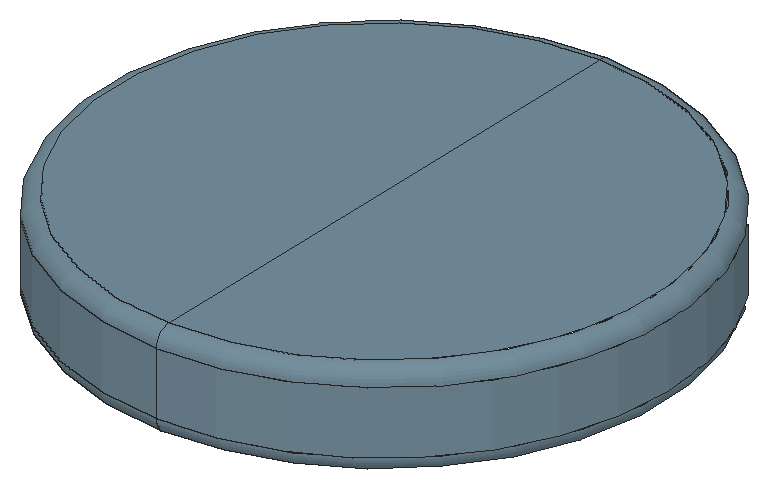
Revit family "Seat Pad 18in Round 3in H", category Generic Models, Revit 2018
Family settings
  Can host rebar = No
  Round Connector Dimension = Use Diameter
  Part Type = Normal
  Work Plane-Based = No
  Always vertical = Yes
  Cut with Voids When Loaded = No
  Shared = No
  Room Calculation Point = No
Parameters
  Fabric = Seat Pad 18" Round 3"H
Reference planes (in)
  plane 1 "Center (Front/Back)": y = 0
  plane 2: z = 0
  plane 3 "Center (Left/Right)": x = 0
Forms (in)
  Revolve 1, solid, material "Seat Pad 18" Round 3"H" <- "Fabric"
    sketch origin (0, 0, 0.78222) x (0, 1, 0) y (0, 0, 1)
      loop
        line (0, 2.21778) -> (-8.50781, 2.21778)
        arc (-8.50781, 2.21778) -> (-8.86132, 2.07136) -> (-9.00774, 1.71785) r 0.49993
        line (-9.00774, 1.71785) -> (-9.00774, -0.28229)
        arc (-9.00774, -0.28229) -> (-8.86132, -0.63579) -> (-8.50781, -0.78222) r 0.49993
        line (-8.50781, -0.78222) -> (0, -0.78222) -> (0, 2.21778)
      axis (0, 2.21778) -> (0, -0.78222)
    angle from 0 to 360
Dimensions and locks (in)
  aligned and locked: plane 2 to level
